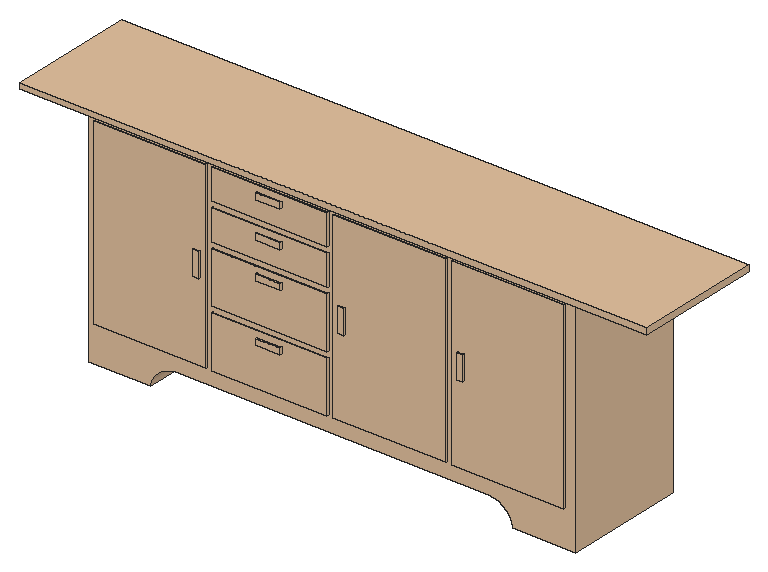
Revit family "Sideboard andja", category Furniture, Revit 2013
Parameters (values of type "1520 x 510 x 970mm")
  Keynote = "N"
  Assembly Code = ""
  Depth = 508 mm
  Material = Wood - Cherry
  Height = 965.2 mm
  Width = 1524 mm
Types (2, lengths in mm): name | Depth | Height | Width
  1220 x 510 x 1070mm | 510 | 1050 | 1220
  1520 x 510 x 970mm | 508 | 965.2 | 1524
Reference planes
  plane 1 "Center F/B": y = -363.163
  plane 2: z = 0.34
  plane 3 "Center L/R": x = -294.593
  plane 4 "Back": y = -109.163
  plane 5 "Front": y = -617.163
  plane 6 "Right": x = 467.407
  plane 7 "Left": x = -1056.593
  plane 8: x = -700.993
  plane 9: x = 111.807
  plane 10: z = 152.4
  plane 11: x = -1031.193
  plane 12: x = 442.007
  plane 13: x = -548.593
  plane 14: x = -40.593
  plane 15: x = -1081.993
  plane 16: y = -642.563
  plane 17: x = 492.807
  plane 18: x = -561.293
  plane 19: x = -535.893
  plane 20: x = -53.293
  plane 21: x = -27.893
  plane 22: z = 228.634
  plane 23: z = 457.336
  plane 24: z = 762.272
  plane 25: z = 381.102
  plane 26: z = 609.804
  plane 27: z = 304.868
  plane 28: z = 533.57
  plane 29: z = 686.038
  plane 30: z = 838.506
  plane 31: z = 965.54
  plane 32: z = 940.14
  plane 33: z = 914.74
  plane 34: z = 368.402
  plane 35: z = 393.802
  plane 36: z = 635.204
  plane 37: z = 787.672
Forms (mm)
  Extrusion 1, solid, material "Wood - Cherry" <- "Material"
    sketch origin (0, -617.163, 19.25) x (1, 0, 0) y (0, 0, 1)
      loop
        line (720.272, -18.853) -> (983.407, -18.853) -> (983.407, 920.89) -> (-1056.593, 920.89) -> (-1056.593, -18.91) -> (-795.627, -18.91)
        arc (-795.627, -18.91) -> (-760.809, 44.199) -> (-693.241, 69.289) r 103.527
        line (-693.241, 69.289) -> (617.944, 69.289)
        arc (617.944, 69.289) -> (685.472, 44.216) -> (720.272, -18.853) r 103.469
    from 0 to -508
  Extrusion 2, solid, material "Wood - Cherry" <- "Material"
    sketch origin (0, 0, 0) x (1, 0, 0) y (0, 1, 0)
      loop
        line (-1321.993, -642.563) -> (1298.007, -642.563) -> (1298.007, -109.163) -> (-1321.993, -109.163) -> (-1321.993, -642.563)
    from 965.54 to 940.14
  Extrusion 3, solid, material "Wood - Cherry" <- "Material"
    sketch origin (0, -617.163, 0) x (1, 0, 0) y (0, 0, 1)
      loop
        line (-1031.193, 914.74) -> (-1031.193, 152.4) -> (-561.293, 152.4) -> (-561.293, 914.74) -> (-1031.193, 914.74)
      loop
        line (-27.893, 914.74) -> (-27.893, 152.4) -> (442.007, 152.4) -> (442.007, 914.74) -> (-27.893, 914.74)
      loop
        line (-535.893, 914.74) -> (-535.893, 787.672) -> (-53.293, 787.672) -> (-53.293, 914.74) -> (-535.893, 914.74)
      loop
        line (-535.893, 762.272) -> (-535.893, 635.204) -> (-53.293, 635.204) -> (-53.293, 762.272) -> (-535.893, 762.272)
      loop
        line (-535.893, 609.804) -> (-535.893, 393.802) -> (-53.293, 393.802) -> (-53.293, 609.804) -> (-535.893, 609.804)
      loop
        line (-535.893, 368.402) -> (-535.893, 152.4) -> (-53.293, 152.4) -> (-53.293, 368.402) -> (-535.893, 368.402)
      loop
        line (467.407, 914.74) -> (467.407, 152.4) -> (937.307, 152.4) -> (937.307, 914.74) -> (467.407, 914.74)
    from 0 to 6.35
  Extrusion 4, solid, material "Wood - Cherry" <- "Material"
    sketch origin (0, -623.513, 0) x (1, 0, 0) y (0, 0, 1)
      loop
        line (-612.093, 584.438) -> (-612.093, 482.838) -> (-586.693, 482.838) -> (-586.693, 584.438) -> (-612.093, 584.438)
      loop
        line (-346.07, 889.34) -> (-346.07, 863.94) -> (-244.523, 863.94) -> (-244.523, 889.34) -> (-346.07, 889.34)
      loop
        line (-346.07, 736.872) -> (-346.07, 711.472) -> (-244.523, 711.472) -> (-244.523, 736.872) -> (-346.07, 736.872)
      loop
        line (-346.07, 584.438) -> (-346.07, 559.038) -> (-244.523, 559.038) -> (-244.523, 584.438) -> (-346.07, 584.438)
      loop
        line (-346.07, 343.002) -> (-346.07, 317.602) -> (-244.523, 317.602) -> (-244.523, 343.002) -> (-346.07, 343.002)
      loop
        line (-2.493, 584.438) -> (-2.493, 482.838) -> (22.907, 482.838) -> (22.907, 584.438) -> (-2.493, 584.438)
      loop
        line (492.807, 584.438) -> (492.807, 482.838) -> (518.207, 482.838) -> (518.207, 584.438) -> (492.807, 584.438)
    from 0 to 6.35
Lines and regions (mm)
  Masking region 1
    outline origin (0, 0, 0) x (1, 0, 0) y (0, 1, 0)
      loop
        line (-1081.993, -109.163) -> (-1081.993, -617.163) -> (492.807, -617.163) -> (492.807, -109.163) -> (-1081.993, -109.163)
  symbolic lines
    curve 1: line (-1081.993, -109.163, 0) -> (492.807, -109.163, 0)
    curve 2: line (-1081.993, -109.163, 0) -> (-1081.993, -617.163, 0)
    curve 3: line (-1081.993, -617.163, 0) -> (492.807, -617.163, 0)
    curve 4: line (492.807, -109.163, 0) -> (492.807, -617.163, 0)
Dimensions and locks
  equal spacing: plane 7 "Left", plane 3 "Center L/R", plane 6 "Right"
  equal spacing: plane 5 "Front", plane 1 "Center F/B", plane 4 "Back"
  "Width": plane 7 "Left" to plane 6 "Right"
  "Depth": plane 5 "Front" to plane 4 "Back"
  locked: plane 7 "Left" to plane 8 at 355.6
  locked: plane 6 "Right" to plane 9 at 355.6
  equal spacing: plane 7 "Left", plane 13, plane 14, plane 6 "Right"
  locked: plane 15 to plane 7 "Left" at 25.4
  locked: plane 6 "Right" to plane 17 at 25.4
  locked: plane 5 "Front" to plane 16 at 25.4
  "Height": plane 31 to plane 2
  locked: plane 31 to plane 32 at 25.4
  locked: plane 10 to plane 2 at 152.06
  locked: plane 32 to plane 33 at 25.4
  equal spacing: plane 33, plane 30, plane 24, plane 29, plane 26, plane 28, plane 23, plane 25, plane 27, plane 22, plane 10
  locked: plane 37 to plane 24 at 25.4
  locked: plane 36 to plane 26 at 25.4
  plane 35 to plane 25 to plane 34 = 12.7 mm locked, 12.7 mm locked
  locked: plane 7 "Left" to plane 11 at 25.4
  locked: plane 12 to plane 6 "Right" at 25.4
  plane 18 to plane 13 to plane 19 = 12.7 mm locked, 12.7 mm locked
  plane 20 to plane 14 to plane 21 = 12.7 mm locked, 12.7 mm locked
  aligned and locked: Extrusion 1 to plane 4 "Back"
  aligned and locked: Extrusion 2 sketch curve to plane 16
  aligned and locked: plane 4 "Back" to Extrusion 2 sketch curve
  aligned and locked: Extrusion 1 sketch curve to plane 32
  aligned and locked: plane 32 to Extrusion 2
  aligned and locked: Extrusion 2 to plane 31
  aligned and locked: plane 15 to curve 2
  aligned and locked: plane 17 to curve 4
Automatic sketch dimensions
  curve 1 to plane 4 "Back" = 0 mm
  curve 3 to plane 5 "Front" = 0 mm
  Masking region 1 sketch curve to plane 5 "Front" = 0 mm
  Masking region 1 sketch curve to plane 15 = 0 mm
  Masking region 1 sketch curve to plane 17 = 0 mm
  Masking region 1 sketch curve to plane 4 "Back" = 0 mm
  Extrusion 2 sketch curve to plane 17 = 805.2 mm
  plane 15 to Extrusion 2 sketch curve = 240 mm
  Extrusion 3 sketch curve to plane 10 = 0 mm  (x4)
  plane 11 to Extrusion 3 sketch curve = 0 mm
  plane 18 to Extrusion 3 sketch curve = 0 mm
  Extrusion 3 sketch curve to plane 19 = 0 mm  (x4)
  plane 20 to Extrusion 3 sketch curve = 0 mm  (x4)
  Extrusion 3 sketch curve to plane 21 = 0 mm
  plane 12 to Extrusion 3 sketch curve = 0 mm
  plane 6 "Right" to Extrusion 3 sketch curve = 0 mm
  Extrusion 3 sketch curve to plane 33 = 0 mm  (x4)
  Extrusion 3 sketch curve to plane 34 = 0 mm
  Extrusion 3 sketch curve to plane 35 = 0 mm
  Extrusion 3 sketch curve to plane 26 = 0 mm
  Extrusion 3 sketch curve to plane 36 = 0 mm
  Extrusion 3 sketch curve to plane 24 = 0 mm
  Extrusion 3 sketch curve to plane 37 = 0 mm
  Extrusion 3 sketch curve to plane 17 = 444.5 mm
  Extrusion 4 sketch curve to Extrusion 3 = 50.8 mm  (x2)
  Extrusion 4 sketch curve to Extrusion 4 sketch curve = 25.4 mm  (x5)
  Extrusion 4 sketch curve to Extrusion 3 = 25.4 mm  (x5)
  Extrusion 4 sketch curve to Extrusion 3 = 189.823 mm  (x3)
  Extrusion 4 sketch curve to Extrusion 3 = 50.766 mm
  Extrusion 4 sketch curve to Extrusion 4 sketch curve = 0 mm
  Extrusion 4 sketch curve to Extrusion 4 sketch curve = 101.547 mm  (x4)
  Extrusion 4 sketch curve to Extrusion 3 = 25.366 mm  (x4)
  Extrusion 4 sketch curve to Extrusion 3 = 89.036 mm  (x3)
  plane 7 "Left" to Extrusion 1 sketch curve = 0 mm
  Extrusion 1 sketch curve to plane 2 = 0 mm
  plane 2 to Extrusion 1 sketch curve = 0.057 mm
  Extrusion 1 sketch curve to plane 8 = 94.633 mm
  plane 8 to Extrusion 1 sketch curve = 7.752 mm
  plane 10 to Extrusion 1 sketch curve = 63.861 mm
  Extrusion 1 sketch curve to plane 17 = 125.138 mm
  Extrusion 1 sketch curve to Extrusion 1 sketch curve = 102.328 mm
  Extrusion 1 sketch curve to plane 17 = 490.6 mm
